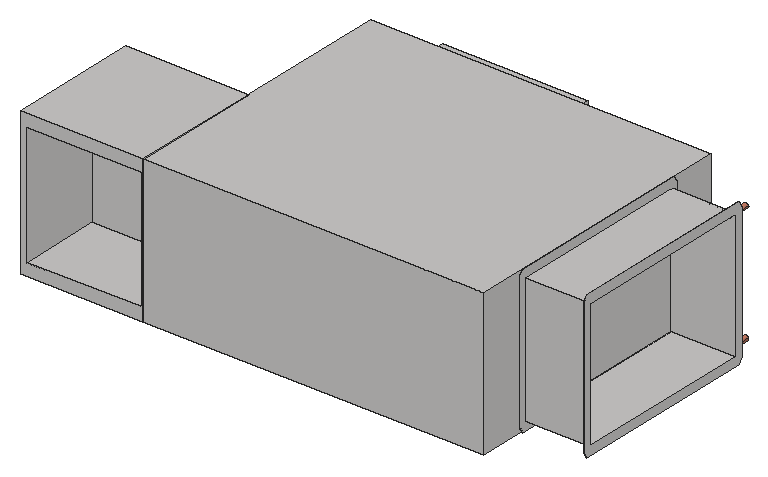
Revit family
Parameters
  Width = 3' - 3"
  Voltage = 208 V
  Unit Weight = if(Number of Rows = 1, "272.0 lbs", if(Number of Rows = 2, "277.0 lbs", "0"))  # "272.0 lbs"
  UltraLoc Liner = Choose Liner Option = 3  # no
  URL = "http://www.titus-hvac.com/"
  UL = "181"
  Supply Air Flow [instance] = 0 CFM
  SteriLoc Liner = Choose Liner Option = 2  # no
  Secondary Material = Copper Connectors
  Primary Air Pressure Drop [instance] = 0.00 in-wg
  Primary Air Flow [instance] = 0 CFM
  Pressure [instance] = 0.00 psi
  Plenum Air Pressure Drop [instance] = 0.00 in-wg
  Plenum Air Flow [instance] = 0 CFM
  Outlet Width = 2' - 1"
  Outlet Height = 1' - 5 1/2"
  Number of Rows = 1
  Number of Poles = 2
  Nominal Width = Width + 0' 6 1/4"  # 3' - 9 1/4"
  Nominal Length = Length + 1' 4 7/8" + 0' 9"  # 6' - 0 5/8"
  Nominal Inlet Size = 1' - 0"
  Nominal Height = 1' - 8"
  NFPA = "90A"
  Motor Full Load Amps [instance] = 4.2 A
  Model = "DTFS-F"
  Min. Air Flow = 0 CFM
  Max. Air Flow = 2000 CFM
  Material = Galvanized Steel
  Manufacturer = "Titus"
  Length = 3' - 10 3/4"
  Juction Box Offset = 0' - 4 7/8"
  Inlet Diameter = Nominal Inlet Size - 0' 0 1/8"  # 0' - 11 7/8"
  Induced Air Inlet Width = 1' - 4 7/8"
  Induced Air Inlet Offset = (Nominal Height - Induced Air Inlet Connection Height) / 2  # 0' - 1 11/16"
  Induced Air Inlet Height = 1' - 6 1/8"
  Induced Air Inlet Connection Width = 1' - 3 3/4"
  Induced Air Inlet Connection Height = 1' - 4 5/8"
  Induced Air Filter = no
  Heating Total Capacity [instance] = 0 Btu/h
  Heating Entering Water Temp = 0 °F
  Half Outlet Width = 1' - 0 1/2"
  Half Outlet Connection Width = Outlet Width / 2  # 1' - 0 1/2"
  Half Outlet Connection Height = Outlet Height / 2  # 0' - 8 3/4"
  Half Height Start = -(Nominal Height / 2)  # -0' - 10"
  Half Height End = Nominal Height / 2  # 0' - 10"
  HWC Option = HWC Section : D-E - 1 Row
  HWC Connector Radius = 5/16"
  HWC Connector Length = 0' - 3"
  HP-Motor = "3/4"
  Gallons Per Minute [instance] = 0 GPM
  Frequency = 60 Hz
  Flange Offset = 0' - 1 1/4"
  Filter Size = "18\"x17\""
  Fiber Free Liner = Choose Liner Option = 1  # no
  Fan Disconnect Switch = no
  Duct Radius = Nominal Inlet Size / 2  # 0' - 6"
  Description = "Ultra Quiet Series Fan Powered Terminal Unit, Direct Digital Control, Pressure Independent"
  Connector Vertical Offset = if(Number of Rows = 1, 1' 4 1/4", if(Number of Rows = 2, 1' 4 3/4", 0' 0"))  # 1' - 4 1/4"
  Connector Horizontal Offset = if(Number of Rows = 1, 0' 0", if(Number of Rows = 2, 0' 1", 0' 0"))  # 0' - 0"
  Connection Void Radius = Connection Radius - 0' 0 1/4"  # 0' - 5 11/16"
  Connection Radius = Inlet Diameter / 2  # 0' - 5 15/16"
  Choose Liner Option = 0
  CADworks URL = "www.CADworks.net"
  Assembly Code = "D3040100"
  Apparent Power [instance] = Voltage * Motor Full Load Amps  # 873.6 VA
  Air Inlet Offset = 0' - 8"
  1/2" Fiberglass Liner = Choose Liner Option = 0  # yes
  1" Fiberglass Liner = Choose Liner Option = 4  # no
Reference planes (in)
  plane 1 "Center (Front/Back)": y = 0
  plane 2: z = 0
  plane 3 "Center (Left/Right)": x = 3
  plane 4: x = -20.375
  plane 5: x = 26.375
  plane 6: x = -15.5
  plane 7: x = -23.75
  plane 8 "Center (Elevation)": z = 0
  plane 9: y = -19.5
  plane 10: y = 19.5
  plane 11: y = 11.5
  plane 12: y = -8.25
  plane 13: z = 0.6875
  plane 14: z = -6.875
  plane 15: x = 35.375
  plane 16: x = 34.375
  plane 17: x = 34.375
  plane 18: y = 15.5
  plane 19: z = -8.125
  plane 20: z = 8.125
  plane 21: y = -12.5
  plane 22: y = 12.5
  plane 23: y = 25.75
  plane 24: x = -37.25
  plane 25: z = 10
  plane 26: z = -10
Forms (in)
  Extrusion 1, solid, material "Galvanized Steel" <- "Material"
    sketch origin (0, 0, 0) x (1, 0, 0) y (0, 1, 0)
      loop
        line (-20.375, 19.5) -> (-20.375, -19.5) -> (26.375, -19.5) -> (26.375, 19.5) -> (-20.375, 19.5)
    from -10 <- "Half Height Start" to 10 <- "Half Height End"
  Extrusion 2, solid, material "Galvanized Steel" <- "Material"
    sketch origin (0, 0, 0) x (1, 0, 0) y (0, 1, 0)
      loop
        line (-37.25, -1.375) -> (-37.25, -19.5) -> (-20.375, -19.5) -> (-20.375, -1.375) -> (-37.25, -1.375)
    from -10 <- "Half Height Start" to 10 <- "Half Height End"
  Extrusion 3, void, detail levels fine
    sketch origin (0, -19.5, 0) x (1, 0, 0) y (0, 0, -1)
      loop
        line (-20.625, 8.3125) -> (-36.375, 8.3125) -> (-36.375, -8.3125) -> (-20.625, -8.3125) -> (-20.625, 8.3125)
    from 0 to 11.25
  Extrusion 4, solid, material "Galvanized Steel" <- "Material"
    sketch origin (3.125, 0, 0) x (1, 0, 0) y (0, 1, 0)
      loop
        line (-18.625, 19.5) -> (1.375, 19.5) -> (1.375, 25.75) -> (-18.625, 25.75) -> (-18.625, 19.5)
    from -6 to 6
  Extrusion 5, solid, material "Galvanized Steel" <- "Material"
    sketch origin (-24.875, -3, 0) x (0, 0, -1) y (0, 1, 0)
      loop
        circle (0, 14.5) r 5.9375
    from 1.125 to 4.5
  Extrusion 6, void, detail levels fine
    sketch origin (-24.875, 0, 0) x (0, 1, 0) y (0, 0, 1)
      loop
        circle (11.5, 0) r 5.6875
    from 1.125 to 9.375
  Extrusion 7, void, detail levels fine
    sketch origin (35.375, -12.5, 8.75) x (0, 0, 1) y (0, -1, 0)
      loop
        line (-17.5, 0) -> (-17.5, -25) -> (0, -25) -> (0, 0) -> (-17.5, 0)
    from -0.0625 to 0
  Extrusion 8, solid, material "Copper Connectors" <- "Secondary Material", detail levels fine
    sketch origin (0, 0, 0) x (1, 0, 0) y (0, 0, 1)
      loop
        circle (34.375, 8.125) r 0.3125
    from -15.5 to -12.5625
  Extrusion 9, solid, material "Copper Connectors" <- "Secondary Material", detail levels fine
    sketch origin (0, 0, 0) x (1, 0, 0) y (0, 0, 1)
      loop
        circle (34.375, -8.125) r 0.3125
    from -15.5 to -12.5625
Cuts and joins
  Extrusion 3 cuts Extrusion 2
  Extrusion 6 cuts Extrusion 1
  Extrusion 6 cuts Extrusion 5
Dimensions and locks (in)
  "Length": plane 5 to plane 4
  equal spacing: plane 5, plane 3 "Center (Left/Right)", plane 4
  locked: Extrusion 4 to Extrusion 4 at 20
  "Juction Box Offset": plane 6 to plane 4
  locked: plane 4 to plane 7 at 3.375
  "Width": plane 9 to plane 10
  equal spacing: plane 9, plane 1 "Center (Front/Back)", plane 10
  locked: Extrusion 5 sketch curve to level at 0
  locked: Extrusion 5 sketch curve to plane 11 at 0
  locked: Extrusion 6 sketch curve to level at 0
  locked: Extrusion 6 sketch curve to plane 11 at 0
  locked: Extrusion 4 to Extrusion 4 at 6.25
  locked: Extrusion 4 to Extrusion 4 at 12
  equal spacing: Extrusion 4, plane 8 "Center (Elevation)", Extrusion 4
  locked: plane 12 to plane 9 at 11.25
  "Air Inlet Offset": plane 10 to plane 11
  "Induced Air Inlet Height": cut or joined group of Extrusion 2, Extrusion 3 to cut or joined group of Extrusion 2, Extrusion 3
  locked: cut or joined group of Extrusion 5, Extrusion 6 to cut or joined group of Extrusion 5, Extrusion 6 at 3.375
  locked: plane 12 to plane 12 at 0
  "Induced Air Inlet Connection Height": Extrusion 3 sketch curve to Extrusion 3 sketch curve
  "Induced Air Inlet Offset": Extrusion 3 sketch curve to cut or joined group of Extrusion 2, Extrusion 3
  "Induced Air Inlet Connection Width": Extrusion 3 sketch curve to Extrusion 3 sketch curve
  locked: Extrusion 3 sketch curve to cut or joined group of Extrusion 1, Extrusion 6 at 0.25
  "Connector Vertical Offset": plane 20 to plane 19
  equal spacing: plane 20, plane 8 "Center (Elevation)", plane 19
  locked: plane 15 to plane 5 at 9
  locked: plane 15 to plane 16 at 1
  "Connector Horizontal Offset": plane 16 to plane 17
  locked: Extrusion 8 sketch curve to plane 17 at 0
  locked: Extrusion 8 sketch curve to plane 20 at 0
  locked: Extrusion 9 sketch curve to plane 16 at 0
  locked: Extrusion 9 sketch curve to plane 19 at 0
  "HWC Connector Length": plane 18 to plane 22
  locked: cut or joined group of Extrusion 1, Extrusion 6 to Extrusion 7 at 9
  locked: cut or joined group of Extrusion 2, Extrusion 3 to cut or joined group of Extrusion 2, Extrusion 3 at 16.875
  locked: cut or joined group of Extrusion 2, Extrusion 3 to cut or joined group of Extrusion 2, Extrusion 3 at 20
  equal spacing: cut or joined group of Extrusion 2, Extrusion 3, plane 8 "Center (Elevation)", cut or joined group of Extrusion 2, Extrusion 3
  locked: cut or joined group of Extrusion 1, Extrusion 6 to cut or joined group of Extrusion 1, Extrusion 6 at 20
  equal spacing: cut or joined group of Extrusion 1, Extrusion 6, plane 8 "Center (Elevation)", cut or joined group of Extrusion 1, Extrusion 6
  locked: nested 1 to cut or joined group of Extrusion 1, Extrusion 6 at 1.1875
  locked: cut or joined group of Extrusion 1, Extrusion 6 to nested 1 at 1.1875
  "Connection Radius": radius of Extrusion 5 sketch curve
  "Connection Void Radius": radius of Extrusion 6 sketch curve
  "HWC Connector Radius": radius of Extrusion 8 sketch curve
  "HWC Connector Radius": radius of Extrusion 9 sketch curve
  aligned and locked: plane 10 to Extrusion 4
  aligned and locked: plane 6 to Extrusion 4
  aligned and locked: plane 7 to cut or joined group of Extrusion 5, Extrusion 6
  aligned and locked: plane 18 to Extrusion 8
  aligned and locked: plane 18 to Extrusion 9
  aligned and locked: plane 9 to cut or joined group of Extrusion 2, Extrusion 3  (x3)
  aligned and locked: plane 5 to nested 1
  aligned and locked: plane 15 to nested 1
  aligned and locked: plane 18 to nested 1  (x2)
  aligned and locked: plane 21 to nested 1
  aligned and locked: plane 22 to nested 1
  aligned and locked: plane 5 to cut or joined group of Extrusion 1, Extrusion 6
  aligned and locked: cut or joined group of Extrusion 1, Extrusion 6 to nested 1
  aligned and locked: cut or joined group of Extrusion 1, Extrusion 6 to plane 10
  aligned and locked: Extrusion 4 to cut or joined group of Extrusion 1, Extrusion 6  (x2)
  aligned and locked: cut or joined group of Extrusion 1, Extrusion 6 to plane 4
  aligned and locked: plane 9 to cut or joined group of Extrusion 1, Extrusion 6
  aligned and locked: cut or joined group of Extrusion 5, Extrusion 6 to cut or joined group of Extrusion 1, Extrusion 6
  aligned and locked: nested 1 to cut or joined group of Extrusion 1, Extrusion 6
  aligned and locked: plane 6 to Extrusion 6
  aligned and locked: Extrusion 6 to plane 7
  aligned and locked: Extrusion 3 to plane 12
  aligned and locked: plane 23 to Extrusion 4
  aligned and locked: plane 24 to cut or joined group of Extrusion 2, Extrusion 3
  aligned and locked: plane 25 to cut or joined group of Extrusion 2, Extrusion 3
  aligned and locked: plane 26 to cut or joined group of Extrusion 2, Extrusion 3
  aligned and locked: plane 26 to cut or joined group of Extrusion 1, Extrusion 6
  aligned and locked: plane 25 to cut or joined group of Extrusion 1, Extrusion 6
Automatic sketch dimensions
  Extrusion 1 sketch curve to plane 4 = 0' - 0"
  Extrusion 1 sketch curve to plane 5 = 0' - 0"
  Extrusion 1 sketch curve to plane 9 = 0' - 0"
  Extrusion 1 sketch curve to plane 10 = 0' - 0"
  Extrusion 2 sketch curve to plane 4 = 0' - 0"
  Extrusion 2 sketch curve to plane 9 = 0' - 0"
  plane 1 "Center (Front/Back)" to Extrusion 2 sketch curve = 0' - 1 3/8"
  Extrusion 4 sketch curve to plane 6 = 0' - 0"
  Extrusion 4 sketch curve to plane 10 = 0' - 0"
  plane 3 "Center (Left/Right)" to Extrusion 4 sketch curve = 0' - 1 1/2"
  Extrusion 4 sketch curve to plane 10 = 0' - 6 1/4"
  Extrusion 2 sketch curve to plane 7 = 1' - 1 1/2"
  Extrusion 7 sketch curve to nested 1 = 0' - 0"  (x4)
Nested families (in)
  nested 1: "HWC Section" at (30.875, 0, 0) x (0, 1, 0) z (0, 0, 1), type <- "HWC Option", type "D-E - 1 Row"
Connectors (in)
  electrical at (-5.5, 25.75, 0), driven by "Apparent Power", driven by "Voltage", driven by "Number of Poles"
    settings: on Extrusion 4, index 8
  hvac at (-23.75, 11.5, 0), driven by "Duct Radius", driven by "Primary Air Pressure Drop", driven by "Primary Air Flow"
    settings: on cut or joined group of Extrusion 5, Extrusion 6, index 9
  hvac at (-28.5, -19.5, 0), driven by "Induced Air Inlet Connection Height", driven by "Induced Air Inlet Connection Width", driven by "Plenum Air Pressure Drop", driven by "Plenum Air Flow"
    settings: on cut or joined group of Extrusion 2, Extrusion 3, index 11
  hvac at (35.375, 0, 0), driven by "Outlet Height", driven by "Outlet Width", driven by "Supply Air Flow"
    settings: on Extrusion 7, index 12
  piping at (34.375, 15.5, 8.125), driven by "Gallons Per Minute", driven by "Pressure", driven by "HWC Connector Radius"
    settings: on Extrusion 8, index 13
  piping at (34.375, 15.5, -8.125), driven by "Gallons Per Minute", driven by "HWC Connector Radius", driven by "Pressure"
    settings: on Extrusion 9, index 14
Definition of nested family "HWC Section"
  Parameters (values of type "B-C - 1 Row")
    Visibility = yes
    Secondary Material = Copper Connectors
    Number of Rows = 1
    Material = Galvanized Steel
    Half Width = HWC Width / 2  # 0' - 10 1/4"
    Half Length-Start = -(HWC Length / 2)  # -0' - 4 1/2"
    Half Length-End = HWC Length / 2  # 0' - 4 1/2"
    HWC Connection Radius = 5/16"
    Flange Offset = 0' - 1"
    Duct Vertical Offset = HWC Height - 0' 0 1/2"  # 1' - 0"
    Duct Horizontal Offset = HWC Width - 0' 0 1/2"  # 1' - 8"
    Connector Vertical Offset = 0' - 11 3/4"
    HWC Width = 1' - 8 1/2"
    HWC Height = 1' - 0 1/2"
    HWC Length = 0' - 9"  # constant formula
    Gallons Per Minute = 0 GPM
    Connector Length = 0' - 3"
    Connector Horizontal Offset = 0' - 0"
  Types (5): name | Number of Rows | Half Width | Flange Offset | Duct Vertical Offset | Duct Horizontal Offset | Connector Vertical Offset | HWC Width | HWC Height | Connector Horizontal Offset
    (no name) | 1 | 0' - 10 1/4" | 0' - 1" | 1' - 0" | 1' - 8" | 0' - 11 3/4" | 1' - 8 1/2" | 1' - 0 1/2" | 0' - 0"
    B-C - 1 Row | 1 | 0' - 10 1/4" | 0' - 1" | 1' - 0" | 1' - 8" | 0' - 11 3/4" | 1' - 8 1/2" | 1' - 0 1/2" | 0' - 0"
    B-C - 2 Row | 2 | 0' - 10 1/4" | 0' - 1" | 1' - 0" | 1' - 8" | 0' - 11 3/4" | 1' - 8 1/2" | 1' - 0 1/2" | 0' - 1"
    D-E - 1 Row | 1 | 1' - 0 1/2" | 0' - 1 1/4" | 1' - 5" | 2' - 0 1/2" | 1' - 4 1/4" | 2' - 1" | 1' - 5 1/2" | 0' - 0"
    D-E - 2 Row | 2 | 1' - 0 1/2" | 0' - 1 1/4" | 1' - 5" | 2' - 0 1/2" | 1' - 4 3/4" | 2' - 1" | 1' - 5 1/2" | 0' - 1"
  Reference planes (in)
    plane 1 "Center (Front/Back)": y = 0
    plane 2: z = 0
    plane 3 "Center (Left/Right)": x = 0
    plane 4: x = -10.25
    plane 5: x = 10.25
    plane 6: y = 4.5
    plane 7: y = -4.5
    plane 8: z = 6.25
    plane 9: z = -6.25
    plane 10: z = 5.875
    plane 11: z = -5.875
    plane 12: y = 3.5
    plane 13: y = 3.5
    plane 14: x = 13.25
  Forms (in)
    Extrusion 1, solid, material "Galvanized Steel" <- "Material", visible <- "Visibility"
      sketch origin (0, 0, 0) x (1, 0, 0) y (0, 0, 1)
        loop
          line (-10.3125, 6.3125) -> (-10.3125, -6.3125) -> (10.3125, -6.3125) -> (10.3125, 6.3125) -> (-10.3125, 6.3125)
      from -4.375 <- "Half Length-Start" to 4.5 <- "Half Length-End"
    Extrusion 2, void, detail levels fine
      sketch origin (0, 0, 0) x (1, 0, 0) y (0, 0, 1)
        loop
          line (-10.25, -6.25) -> (10.25, -6.25) -> (10.25, 6.25) -> (-10.25, 6.25) -> (-10.25, -6.25)
      from -4.5 <- "Half Length-Start" to 4.5 <- "Half Length-End"
    Extrusion 3, solid, material "Copper Connectors" <- "Secondary Material", visible <- "Visibility"
      sketch origin (6, 2.625, 0) x (0, 1, 0) y (0, 0, 1)
        loop
          circle (0.875, -5.875) r 0.3125
      from 4.3125 to 7.25
    Extrusion 4, solid, material "Galvanized Steel" <- "Material", visible <- "Visibility"
      sketch origin (0, -4.375, 0) x (1, 0, 0) y (0, 0, 1)
        loop
          line (-10.25, 6.25) -> (-10.25, -6.25) -> (10.25, -6.25) -> (10.25, 6.25) -> (-10.25, 6.25)
        loop
          line (-11.25, 6.75) -> (-11.25, -6.75) -> (-10.75, -7.25) -> (10.75, -7.25) -> (11.25, -6.75) -> (11.25, 6.75) -> (10.75, 7.25) -> (-10.75, 7.25) -> (-11.25, 6.75)
      from 0 to 0.125
    Extrusion 5, solid, material "Copper Connectors" <- "Secondary Material", visible <- "Visibility"
      sketch origin (6, -0.5, 0) x (0, 1, 0) y (0, 0, 1)
        loop
          circle (4, 5.875) r 0.3125
      from 4.3125 to 7.25
    Extrusion 6, solid, material "Galvanized Steel" <- "Material", visible <- "Visibility"
      sketch origin (0, 4.375, 0) x (1, 0, 0) y (0, 0, -1)
        loop
          line (-10.25, -6.25) -> (10.25, -6.25) -> (10.25, 6.25) -> (-10.25, 6.25) -> (-10.25, -6.25)
        loop
          line (-11.25, -6.75) -> (-10.75, -7.25) -> (10.75, -7.25) -> (11.25, -6.75) -> (11.25, 6.75) -> (10.75, 7.25) -> (-10.75, 7.25) -> (-11.25, 6.75) -> (-11.25, -6.75)
      from 0 to 0.125
  Cuts and joins
    Extrusion 2 cuts Extrusion 1
    joined: Extrusion 1, Extrusion 4, Extrusion 6
  Dimensions and locks (in)
    "HWC Width": plane 4 to plane 5
    equal spacing: plane 4, plane 3 "Center (Left/Right)", plane 5
    "HWC Height": plane 8 to plane 9
    equal spacing: plane 8, plane 2, plane 9
    equal spacing: plane 10, plane 2, plane 11
    locked: plane 12 to plane 6 at 1
    "Connector Horizontal Offset": plane 13 to plane 12
    locked: plane 7 to Extrusion 4 at 0.125
    locked: Extrusion 6 to plane 6 at 0.125
    locked: plane 4 to Extrusion 1 sketch curve at 0.0625
    locked: Extrusion 4 to Extrusion 1 sketch curve at 0.0625
    locked: Extrusion 1 sketch curve to plane 8 at 0.0625
    locked: plane 9 to Extrusion 1 sketch curve at 0.0625
    "Connector Length": plane 5 to plane 14
    "HWC Length": plane 6 to plane 7
    equal spacing: plane 6, plane 1 "Center (Front/Back)", plane 7
    "Connector Vertical Offset": plane 10 to plane 11
    equal spacing: plane 10, level, plane 11
    "HWC Width": Extrusion 4 sketch curve to Extrusion 4 sketch curve
    equal spacing: Extrusion 4 sketch curve, plane 3 "Center (Left/Right)", Extrusion 4 sketch curve
    "HWC Height": Extrusion 4 sketch curve to Extrusion 4 sketch curve
    equal spacing: Extrusion 4 sketch curve, plane 2, Extrusion 4 sketch curve
    locked: cut or joined group of Extrusion 1, Extrusion 2, Extrusion 4, Extrusion 6 to plane 4 at 1  (x2)
    locked: cut or joined group of Extrusion 1, Extrusion 2, Extrusion 4, Extrusion 6 to plane 5 at 1  (x2)
    "HWC Width": Extrusion 6 sketch curve to Extrusion 6 sketch curve
    "HWC Height": Extrusion 6 sketch curve to Extrusion 6 sketch curve
    equal spacing: Extrusion 6 sketch curve, plane 3 "Center (Left/Right)", Extrusion 6 sketch curve
    equal spacing: Extrusion 6 sketch curve, plane 2, Extrusion 6 sketch curve
    "HWC Height": Extrusion 2 sketch curve to Extrusion 2 sketch curve
    "HWC Width": Extrusion 2 sketch curve to Extrusion 2 sketch curve
    equal spacing: Extrusion 2 sketch curve, plane 3 "Center (Left/Right)", Extrusion 2 sketch curve
    equal spacing: Extrusion 2 sketch curve, plane 2, Extrusion 2 sketch curve
    locked: plane 5 to Extrusion 3 at 0.0625
    locked: plane 5 to Extrusion 5 at 0.0625
    "Flange Offset": cut or joined group of Extrusion 1, Extrusion 2, Extrusion 4, Extrusion 6 to plane 8
    "Flange Offset": plane 9 to cut or joined group of Extrusion 1, Extrusion 2, Extrusion 4, Extrusion 6
    "Flange Offset": plane 8 to cut or joined group of Extrusion 1, Extrusion 2, Extrusion 4, Extrusion 6
    "Flange Offset": cut or joined group of Extrusion 1, Extrusion 2, Extrusion 4, Extrusion 6 to plane 9
    "HWC Connection Radius": radius of Extrusion 3 sketch curve
    "HWC Connection Radius": radius of Extrusion 5 sketch curve
    aligned and locked: plane 7 to Extrusion 4
    aligned and locked: plane 6 to Extrusion 6
    aligned and locked: plane 14 to Extrusion 5
    aligned and locked: plane 14 to Extrusion 3
    aligned and locked: Extrusion 6 to cut or joined group of Extrusion 1, Extrusion 2, Extrusion 4, Extrusion 6
    aligned and locked: Extrusion 4 to Extrusion 4
  Automatic sketch dimensions
    Extrusion 3 sketch curve to plane 11 = 0' - 0"
    Extrusion 3 sketch curve to plane 12 = 0' - 0"
    Extrusion 5 sketch curve to plane 10 = 0' - 0"
    Extrusion 5 sketch curve to plane 13 = 0' - 0"
    plane 4 to Extrusion 6 sketch curve = 0' - 1"
    plane 4 to Extrusion 6 sketch curve = 0' - 0 1/2"  (x2)
    Extrusion 6 sketch curve to plane 5 = 0' - 0 1/2"  (x2)
    Extrusion 6 sketch curve to Extrusion 6 sketch curve = 0' - 0 1/2"  (x3)
    plane 8 to Extrusion 6 sketch curve = 0' - 0 1/2"  (x2)
    Extrusion 6 sketch curve to plane 9 = 0' - 0 1/2"  (x2)
    plane 4 to Extrusion 4 sketch curve = 0' - 0 1/2"  (x2)
    Extrusion 4 sketch curve to Extrusion 4 sketch curve = 0' - 0 1/2"  (x4)
    Extrusion 4 sketch curve to plane 5 = 0' - 0 1/2"  (x2)
    Extrusion 4 sketch curve to plane 9 = 0' - 0 1/2"  (x2)
    plane 8 to Extrusion 4 sketch curve = 0' - 0 1/2"  (x2)
